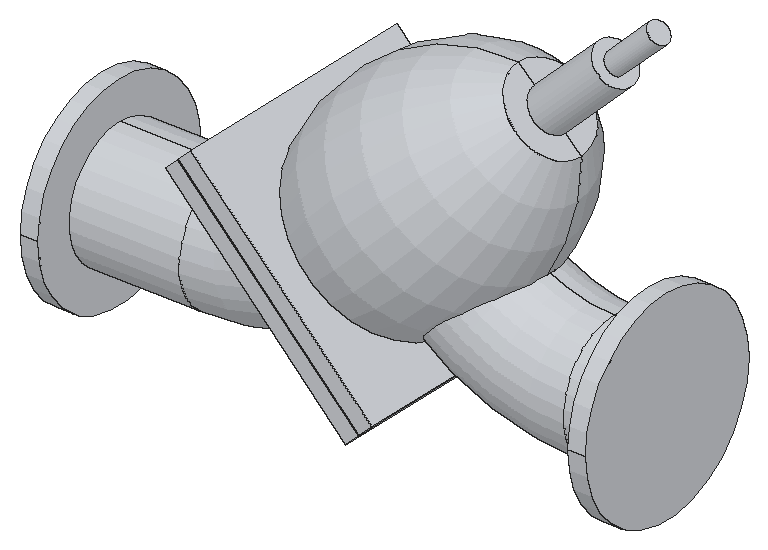
Revit family "a05831a8eaf94565bd6ca6d4bdc182e6", category Pipe Accessories, Revit 2021
Family settings
  Round Connector Dimension = Use Radius
  Part Type = Valve - Breaks Into
  OmniClass Number = 23.65.55.14
  OmniClass Title = Valves for Liquid Services
  Seek Item ID = Multi-Purpose Valve - Straight - 1.5-2.5 Inch - Threaded-0000-USA-ENU
  Work Plane-Based = No
  Always vertical = Yes
  Cut with Voids When Loaded = No
  Shared = No
Parameters (values of type "1 1/2"")
  Width 1 = 1.3 * Radius 3  # 0' - 1.82477"
  Valve Material = none
  Valve Length = 0' - 8"
  Radius 7 = 0' - 3"
  Radius 6 = 0.5 * Radius 5  # 0' - 0.1575"
  Radius 5 = 0.5 * Radius 2  # 0' - 0.315"
  Radius 4 = 0' - 1 69/128"
  Radius 3 = 0.6 * (Outside Radius + Socket Radius)  # 0' - 1.40367"
  Radius 2 = 0.7 * Outside Radius  # 0' - 0.63"
  Radius 1 = 0' - 3 1/8"
  Outside Radius = Nominal Diameter * 0.6  # 0' - 0.9"
  Open Height = 0' - 4 179/256"
  Nominal Radius = 3/4"
  Nominal Diameter = Nominal Radius * 2  # 1 1/2"
  Length 6 = 0' - 2 1/4"
  Length 5 = 0' - 0 3/4"
  Length 4 = 0.4 * (((Open Height - Radius 1 + sqrt(Radius 1 * Radius 1 - Length 1 * Length 1)) * Radius 1) / Length 1 - Length 2)  # 0' - 0.85903"
  Length 3 = 0.6 * (((Open Height - Radius 1 + sqrt(Radius 1 * Radius 1 - Length 1 * Length 1)) * Radius 1) / Length 1 - Length 2)  # 0' - 1.28854"
  Length 2 = 0.7 * Open Height  # 0' - 3.28945"
  Length 1 = 0' - 2 3/16"
  Socket Thickness = 0' - 0 1/4"
  Socket Radius = Socket Diameter / 2  # 0' - 1.43945"
  Socket Diameter = 0' - 2 225/256"
  K Coefficient = 0.95
  Default Elevation = 0' - 0"
  Angle = asin(Length 1 / Radius 1)  # 44.427°
Types (4): name | Width 1 | Valve Length | Radius 7 | Radius 6 | Radius 5 | Radius 4 | Radius 3 | Radius 2 | Radius 1 | Outside Radius | Open Height | Nominal Radius | Nominal Diameter | Length 6 | Length 5 | Length 4 | Length 3 | Length 2 | Length 1 | Socket Thickness | Socket Radius | Socket Diameter | K Coefficient | Angle
  (no name) | 0' - 1.82477" | 0' - 8" | 0' - 3" | 0' - 0.1575" | 0' - 0.315" | 0' - 1 69/128" | 0' - 1.40367" | 0' - 0.63" | 0' - 3 1/8" | 0' - 0.9" | 0' - 4 179/256" | 3/4" | 1 1/2" | 0' - 2 1/4" | 0' - 0 3/4" | 0' - 0.85903" | 0' - 1.28854" | 0' - 3.28945" | 0' - 2 3/16" | 0' - 0 1/4" | 0' - 1.43945" | 0' - 2 225/256" | 0.95 | 44.427°
  1 1/2" | 0' - 1.82477" | 0' - 8" | 0' - 3" | 0' - 0.1575" | 0' - 0.315" | 0' - 1 69/128" | 0' - 1.40367" | 0' - 0.63" | 0' - 3 1/8" | 0' - 0.9" | 0' - 4 179/256" | 3/4" | 1 1/2" | 0' - 2 1/4" | 0' - 0 3/4" | 0' - 0.85903" | 0' - 1.28854" | 0' - 3.28945" | 0' - 2 3/16" | 0' - 0 1/4" | 0' - 1.43945" | 0' - 2 225/256" | 0.95 | 44.427°
  2 1/2" | 0' - 2.67516" | 0' - 10 81/128" | 0' - 4" | 0' - 0.2625" | 0' - 0.525" | 0' - 1" | 0' - 2.05781" | 0' - 1.05" | 0' - 3 5/16" | 0' - 1 1/2" | 0' - 4 31/32" | 1 1/4" | 2 1/2" | 0' - 3" | 0' - 1" | 0' - 0.91666" | 0' - 1 3/8" | 0' - 3.47812" | 0' - 2 5/16" | 0' - 0 3/8" | 0' - 1 119/128" | 0' - 3 55/64" | 2.4 | 44.2758°
  2" | 0' - 2.05877" | 0' - 8" | 0' - 2 1/2" | 0' - 0.21" | 0' - 0.42" | 0' - 1" | 0' - 1.58367" | 0' - 0.84" | 0' - 3 1/8" | 0' - 1.2" | 0' - 4 179/256" | 1" | 2" | 0' - 2 1/4" | 0' - 0 3/4" | 0' - 0.85903" | 0' - 1.28854" | 0' - 3.28945" | 0' - 2 3/16" | 0' - 0 3/8" | 0' - 1.43945" | 0' - 2 225/256" | 2.33 | 44.427°
Reference planes (in)
  plane 1 "Center (Front/Back)": y = 0
  plane 2: z = 0
  plane 3 "Center (Left/Right)": x = 0
  plane 4: x = -4
  plane 5: x = 4
  plane 6: x = -3.75
  plane 7: x = 3.75
  plane 8: z = 3.125
  plane 9: z = 3
  plane 10: x = -2.1875
  plane 11: x = 3.25
  plane 12: x = 1
Forms (in)
  Sweep 1, solid, material <- "Valve Material", detail levels fine
    path in 3D
      loop
        line (-3.75, 0, 0) -> (-2.1875, 0, 0)
        arc (-2.1875, 0, 0) -> (-1.0060657, 0, 0.2319328) -> (0, 0, 0.8933036) r 3.125
    profile origin (-2.96875, 0, 0) x (0, 0, 1) y (0, -1, 0)
      loop
        circle (0, 0) r 0.9
  Sweep 2, solid, material <- "Valve Material", detail levels fine
    path in 3D
      loop
        line (3.75, 0, 0) -> (3.25, 0, 0)
        arc (3.25, 0, 0) -> (2.0156865, 0, 0.2656865) -> (1, 0, 1.0156865) r 3
    profile origin (2.0156865, 0, 0.2656865) x (-0.411438, 0, -0.911438) y (0, -1, 0)
      loop
        circle (0, 0) r 0.9
  Extrusion 3, solid, material <- "Valve Material", detail levels fine
    sketch origin (0, 0, 0) x (0, 1, 0) y (0, 0, 1)
      loop
        circle (0, 0) r 1.4394531
    from 3.75 to 4
  Extrusion 4, solid, material <- "Valve Material", detail levels fine
    sketch origin (0, 0, 0) x (0, 1, 0) y (0, 0, 1)
      loop
        circle (0, 0) r 1.4394531
    from -4 to -3.75
  Sweep 5, solid, material <- "Valve Material", detail levels fine
    path in 3D
      loop
        line (-0.1785357, 0, 0.7183036) -> (-0.3570714, 0, 0.5433036)
    profile origin (-0.2678036, 0, 0.6308036) x (0.7, 0, -0.714143) y (0, -1, 0)
      loop
        line (-1.8247734, -1.8247734) -> (1.8247734, -1.8247734) -> (1.8247734, 1.8247734) -> (-1.8247734, 1.8247734) -> (-1.8247734, -1.8247734)
  Sweep 6, solid, material <- "Valve Material", detail levels fine
    path in 3D
      loop
        line (0, 0, 0.8933036) -> (-0.1785357, 0, 0.7183036)
    profile origin (-0.0892679, 0, 0.8058036) x (0.7, 0, -0.714143) y (0, -1, 0)
      loop
        line (-1.8247734, 1.8247734) -> (-1.8247734, -1.8247734) -> (1.8247734, -1.8247734) -> (1.8247734, 1.8247734) -> (-1.8247734, 1.8247734)
  Sweep 7, solid, material <- "Valve Material", detail levels fine
    path in 3D
      loop
        line (3.2693418, 0, 4.0978996) -> (3.8828101, 0, 4.6992187)
    profile origin (3.5760759, 0, 4.3985592) x (-0.7, 0, 0.714143) y (0, -1, 0)
      loop
        circle (0, 0) r 0.1575
  Sweep 8, solid, material <- "Valve Material", detail levels fine
    path in 3D
      loop
        line (2.3491394, 0, 3.1959208) -> (3.2693418, 0, 4.0978996)
    profile origin (2.8092406, 0, 3.6469102) x (-0.7, 0, 0.714143) y (0, -1, 0)
      loop
        circle (0, 0) r 0.315
  Revolve 9, solid, material <- "Valve Material", detail levels fine
    sketch origin (0, 0, 0) x (1, 0, 0) y (0, 0, 1)
      loop
        line (0, 0.8933036) -> (0.9825703, -0.1091186)
        arc (0.9825703, -0.1091186) -> (2.3059872, 1.0527788) -> (2.7901394, 2.7460108) r 3.1222997
        line (2.7901394, 2.7460108) -> (2.3491394, 3.1959208) -> (0, 0.8933036)
      axis (0, 0.8933036) -> (2.3491394, 3.1959208)
    angle from 0 to 360
Cuts and joins
  joined: Sweep 6, Sweep 7, Sweep 8, Revolve 9
  joined: Sweep 1, Extrusion 4, Sweep 5
  joined: Sweep 2, Extrusion 3
Lines and regions (in)
  reference lines
    curve 1: line (-3.75, 0, 0) -> (-2.1875, 0, 0)
    curve 2: arc (-2.1875, 0, 0) -> (-1.0060657, 0, 0.2319328) -> (0, 0, 0.8933036) r 3.125
    curve 3: line (3.75, 0, 0) -> (3.25, 0, 0)
    curve 4: arc (3.25, 0, 0) -> (2.0156865, 0, 0.2656865) -> (1, 0, 1.0156865) r 3
    curve 9: line (0, 0, 0.8933036) -> (-0.1785357, 0, 0.7183036)
    curve 10: line (-0.1785357, 0, 0.7183036) -> (-0.3570714, 0, 0.5433036)
    curve 13: line (0, 0, 0.8933036) -> (2.3491394, 0, 3.1959208)
    curve 14: line (2.3491394, 0, 3.1959208) -> (3.2693418, 0, 4.0978996)
    curve 15: line (3.2693418, 0, 4.0978996) -> (3.8828101, 0, 4.6992187)
  sketch lines
    curve 5: line (-3.75, 0, 0) -> (-2.1875, 0, 0)
    curve 6: arc (-2.1875, 0, 0) -> (-1.0060657, 0, 0.2319328) -> (0, 0, 0.8933036) r 3.125
    curve 7: arc (3.25, 0, 0) -> (2.0156865, 0, 0.2656865) -> (1, 0, 1.0156865) r 3
    curve 8: line (3.75, 0, 0) -> (3.25, 0, 0)
    curve 11: line (-0.1785357, 0, 0.7183036) -> (-0.3570714, 0, 0.5433036)
    curve 12: line (0, 0, 0.8933036) -> (-0.1785357, 0, 0.7183036)
    curve 16: line (3.2693418, 0, 4.0978996) -> (3.8828101, 0, 4.6992187)
    curve 17: line (2.3491394, 0, 3.1959208) -> (3.2693418, 0, 4.0978996)
  model lines, detail levels coarse+medium
    curve 18: line (0, 0, 0) -> (4, 2.3094011, 0)
    curve 19: line (4, 2.3094011, 0) -> (4, -2.3094011, 0)
    curve 20: line (0, 0, 0) -> (4, -2.3094011, 0)
    curve 21: line (0, 0, 0) -> (-4, 2.3094011, 0)
    curve 22: line (-4, 2.3094011, 0) -> (-4, -2.3094011, 0)
    curve 23: line (0, 0, 0) -> (-4, -2.3094011, 0)
    curve 24: line (-2, 1.1547005, 0) -> (-2, 5.8539193, 0)
    curve 25: line (2, 1.1547005, 0) -> (2, 5.8539193, 0)
Dimensions and locks (in)
  equal spacing: plane 5, plane 3 "Center (Left/Right)", plane 4
  "Valve Length": plane 5 to plane 4
  "Socket Thickness": plane 6 to plane 4
  "Socket Thickness": plane 7 to plane 5
  "Radius 1": plane 8 to plane 2
  "Radius 7": plane 9 to plane 2
  "Length 1": plane 3 "Center (Left/Right)" to plane 10
  "Length 5": plane 11 to plane 5
  "Length 6": plane 12 to plane 11
  "Socket Thickness": curve 9 to curve 9
  "Socket Thickness": curve 10 to curve 10
  "Width 1": Sweep 5 sketch curve to profile plane  (x2)
  "Width 1": profile plane to Sweep 5 sketch curve  (x2)
  "Width 1": Sweep 6 sketch curve to profile plane  (x3)
  "Width 1": profile plane to Sweep 6 sketch curve
  "Length 2": curve 13 to curve 13
  "Length 3": curve 14 to curve 14
  "Length 4": curve 15 to curve 15
  "Radius 3": Revolve 9 sketch curve to Revolve 9 sketch curve
  "Radius 2": Revolve 9 sketch curve to Revolve 9 sketch curve
  "Radius 4": Revolve 9 sketch curve to Revolve 9 sketch curve
  equal spacing: plane 4, curve 24, plane 3 "Center (Left/Right)"
  "Open Height": curve 24 to curve 24
  "Open Height": curve 25 to curve 25
  equal spacing: plane 3 "Center (Left/Right)", curve 25, plane 5
  "Outside Radius": radius of Sweep 1 sketch curve
  "Outside Radius": radius of Sweep 2 sketch curve
  "Socket Radius": radius of Extrusion 3 sketch curve
  "Socket Radius": radius of Extrusion 4 sketch curve
  "Radius 6": radius of Sweep 7 sketch curve
  "Radius 5": radius of Sweep 8 sketch curve
  "Angle": angle plane 2 to curve 9
  "Angle": angle plane 2 to curve 13
  "Angle": angle plane 2 to curve 14
  "Angle": angle plane 2 to curve 15
  "Angle": angle plane 2 to curve 10
  locked: plane 1 "Center (Front/Back)" to curve 18 (angle 30.00°)
  locked: curve 20 to plane 1 "Center (Front/Back)" (angle 30.00°)
  locked: curve 21 to plane 1 "Center (Front/Back)" (angle 30.00°)
  locked: plane 1 "Center (Front/Back)" to curve 23 (angle 30.00°)
  aligned and locked: plane 6 to curve 1
  aligned and locked: curve 1 to level
  aligned and locked: plane 8 to curve 2
  aligned and locked: plane 10 to curve 2
  aligned and locked: plane 3 "Center (Left/Right)" to curve 2
  aligned and locked: plane 7 to curve 3
  aligned and locked: plane 11 to curve 3
  aligned and locked: level to curve 3
  aligned and locked: plane 9 to curve 4
  aligned and locked: plane 11 to curve 4
  aligned and locked: plane 12 to curve 4
  aligned and locked: plane 1 "Center (Front/Back)" to Extrusion 3 sketch curve
  aligned and locked: plane 2 to Extrusion 3 sketch curve
  aligned and locked: plane 1 "Center (Front/Back)" to Extrusion 4 sketch curve
  aligned and locked: plane 2 to Extrusion 4 sketch curve
  aligned and locked: Extrusion 4 to plane 4
  aligned and locked: Extrusion 3 to plane 5
  aligned and locked: plane 6 to Extrusion 4
  aligned and locked: plane 7 to Extrusion 3
  aligned and locked: Sweep 6 to Revolve 9 sketch curve  (x2)
  aligned and locked: Sweep 8 to Revolve 9 sketch curve  (x2)
  aligned and locked: Revolve 9 sketch curve to curve 13  (x2)
  aligned and locked: plane 3 "Center (Left/Right)" to curve 13
  aligned and locked: plane 1 "Center (Front/Back)" to curve 20
  aligned and locked: plane 5 to curve 19
  aligned and locked: curve 22 to plane 4
Automatic sketch dimensions
  Sweep 1 sketch curve to profile plane = 0' - 0"  (x2)
  Sweep 2 sketch curve to profile plane = 0' - 0"  (x2)
  Sweep 7 sketch curve to profile plane = 0' - 0"  (x2)
  Sweep 8 sketch curve to profile plane = 0' - 0"  (x2)
  curve 23 to plane 3 "Center (Left/Right)" = 0' - 0"
Connectors (in)
  piping at (-4, 0, 0), diameter 1.5, driven by "Nominal Radius"
    settings: on cut or joined group of Sweep 1, Extrusion 4, Sweep 5, index 1, connector inside diameter 1 1/2", connector length 0' - 0", flow factor 0, pipe flow 0 GPM, pressure drop 0.00 psi, fitting loss kfactor 0, connector angle 0.00°, fixture units 0, engagement length 0' - 0", angle of deflection 0.00°, flow configuration 0, flow direction 0, fitting loss method 2, system type 29, joint type 0, gender type 0, connector reference index 2, connector utility 0, adjustable connector no, is connector primary yes, connector description ""
  piping at (4, 0, 0), diameter 1.5, driven by "Nominal Radius", driven by "K Coefficient"
    settings: on cut or joined group of Sweep 2, Extrusion 3, index 2, connector inside diameter 1 1/2", connector length 0' - 0", flow factor 0, pipe flow 0 GPM, pressure drop 0.00 psi, fitting loss kfactor 0.95, connector angle 0.00°, fixture units 0, engagement length 0' - 0", angle of deflection 0.00°, flow configuration 0, flow direction 0, fitting loss method 2, system type 29, joint type 0, gender type 0, connector reference index 1, connector utility 0, adjustable connector no, is connector primary no, connector description ""
